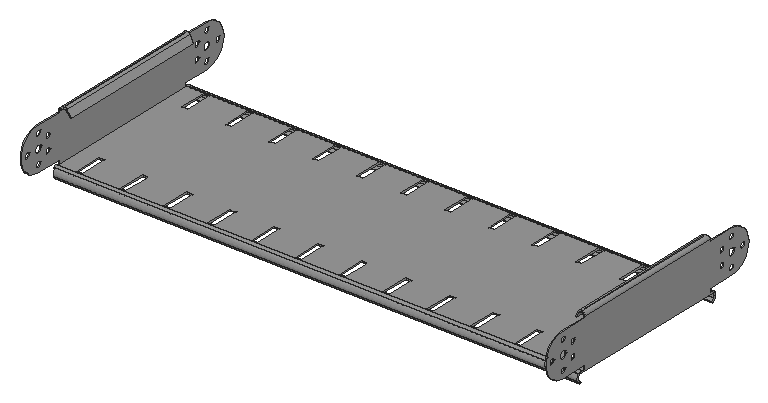
Revit family "Gelenkbogen-Element RGBEV 660FT", category Generic Models, Revit 2017
Family settings
  Can host rebar = No
  Round Connector Dimension = Use Diameter
  Part Type = Normal
  Work Plane-Based = No
  Always vertical = Yes
  Cut with Voids When Loaded = No
  Shared = No
  Room Calculation Point = No
Parameters
  URL = "http://www.obo-bettermann.com"
  Material = Hot-dip galvanised
  Manufacturer Art.No. = "7075596"
  Manufacturer = "OBO BETTERMANN"
  GTIN = "4012196228379"
  Cut's number 2 = 7
  Cut's number = 6
  Article Type = "RGBEV 660 FT"
Reference planes
  plane 1 "Center (Front/Back)": y = 0
  plane 2: z = 0
  plane 3 "Center (Left/Right)": x = 0
  plane 4: x = -300
  plane 5: x = 300
  plane 6: z = 60
  plane 7: x = -287.5
  plane 8: x = 287.5
  plane 9: z = 50.895
  plane 10: y = 288
  plane 11: y = 144
  plane 12: y = 233.25
  plane 13: y = 54.75
  plane 14: y = 144
  plane 15: y = 233.25
  plane 16: y = 54.75
  plane 17: z = 61.3
  plane 18: z = 30
  plane 19: z = 54
  plane 20: z = 6
  plane 21: y = 264
  plane 22: z = 30
  plane 23: z = 54
  plane 24: z = 6
  plane 25: y = 24
  plane 26: z = 30
  plane 27: z = 54
  plane 28: z = 6
  plane 29: y = 264
  plane 30: z = 30
  plane 31: z = 54
  plane 32: z = 6
  plane 33: y = 24
  plane 34: y = 45.5
  plane 35: y = 244.921
  plane 36: z = -11.2
  plane 37: y = 242.5
  plane 38: y = 43.079
  plane 39: z = -11.2
  plane 40: z = 30
  plane 41: y = 24
  plane 42: z = 30
  plane 43: y = 264
  plane 44: z = 30
  plane 45: y = 24
  plane 46: z = 30
  plane 47: y = 264
  plane 48: y = 219
  plane 49: y = 69
  plane 50: y = 144
  plane 51: x = -25
  plane 52: y = 219
  plane 53: y = 219
  plane 54: y = 69
  plane 55: y = 144
  plane 56: x = -75
  plane 57: y = 219
  plane 58: y = 219
  plane 59: y = 69
  plane 60: y = 144
  plane 61: x = -125
  plane 62: y = 219
  plane 63: y = 219
  plane 64: y = 69
  plane 65: y = 144
  plane 66: x = -175
  plane 67: y = 219
  plane 68: y = 219
  plane 69: y = 69
  plane 70: y = 144
  plane 71: x = -225
  plane 72: y = 219
  plane 73: y = 219
  plane 74: y = 69
  plane 75: y = 144
  plane 76: x = -275
  plane 77: y = 219
  plane 78: y = 219
  plane 79: y = 69
  plane 80: y = 144
  plane 81: x = 25
  plane 82: y = 219
  plane 83: y = 219
  plane 84: y = 69
  plane 85: y = 144
  plane 86: x = 75
  plane 87: y = 219
  plane 88: y = 219
  plane 89: y = 69
  plane 90: y = 144
  plane 91: x = 125
  plane 92: y = 219
  plane 93: y = 219
  plane 94: y = 69
  plane 95: y = 144
  plane 96: x = 175
  plane 97: y = 219
  plane 98: y = 219
  plane 99: y = 69
  plane 100: y = 144
  plane 101: x = 225
  plane 102: y = 219
  plane 103: y = 219
  plane 104: y = 69
  plane 105: y = 144
  plane 106: x = 275
  plane 107: y = 219
  plane 108: y = 69
  plane 109: y = 219
  plane 110: y = 144
  plane 111: x = -25
  plane 112: y = 69
  plane 113: y = 69
  plane 114: y = 219
  plane 115: y = 144
  plane 116: x = -75
  plane 117: y = 69
  plane 118: y = 69
  plane 119: y = 219
  plane 120: y = 144
  plane 121: x = -125
  plane 122: y = 69
  plane 123: y = 69
  plane 124: y = 219
  plane 125: y = 144
  plane 126: x = -175
  plane 127: y = 69
  plane 128: y = 69
  plane 129: y = 219
  plane 130: y = 144
  plane 131: x = -225
  plane 132: y = 69
  plane 133: y = 69
  plane 134: y = 219
  plane 135: y = 144
  plane 136: x = -275
  plane 137: y = 69
  plane 138: y = 69
  plane 139: y = 219
  plane 140: y = 144
  plane 141: x = 25
  plane 142: y = 69
  plane 143: y = 69
  plane 144: y = 219
  plane 145: y = 144
  plane 146: x = 75
  plane 147: y = 69
  plane 148: y = 69
  plane 149: y = 219
  plane 150: y = 144
  plane 151: x = 125
  plane 152: y = 69
  plane 153: y = 69
  plane 154: y = 219
  plane 155: y = 144
  plane 156: x = 175
  plane 157: y = 69
  plane 158: y = 69
  plane 159: y = 219
  plane 160: y = 144
  plane 161: x = 225
  plane 162: y = 69
  plane 163: y = 69
  plane 164: y = 219
  plane 165: y = 144
  plane 166: x = 275
  plane 167: y = 69
Forms (mm)
  Extrusion 1, solid, material "Hot-dip galvanised" <- "Material"
    sketch origin (0, 0, 0) x (1, 0, 0) y (0, 0, 1)
      loop
        line (-300.002, 0) -> (300.001, 0) -> (300.001, 55.33)
        arc (300.001, 55.33) -> (297.009, 59.578) -> (292.002, 58.191) r 4.511
        line (292.002, 58.191) -> (287.493, 50.976) -> (288.596, 50.287) -> (293.056, 57.425)
        arc (293.056, 57.425) -> (296.607, 58.34) -> (298.701, 55.33) r 3.211
        line (298.701, 55.33) -> (298.701, 1.3) -> (-298.702, 1.3) -> (-298.702, 55.33)
        arc (-298.702, 55.33) -> (-296.608, 58.341) -> (-293.056, 57.425) r 3.211
        line (-293.056, 57.425) -> (-288.596, 50.287) -> (-287.493, 50.976) -> (-292.002, 58.191)
        arc (-292.002, 58.191) -> (-297.009, 59.578) -> (-300.002, 55.33) r 4.511
        line (-300.002, 55.33) -> (-300.002, 0)
    from 0 to -288
  Extrusion 2, void
    sketch origin (0, 0, 0) x (1, 0, 0) y (0, 1, 0)
      loop
        line (-298.702, 232.902) -> (-287.493, 229.898) -> (-287.493, 288) -> (-298.702, 288) -> (-298.702, 232.902)
      loop
        line (-298.702, 55.098) -> (-298.702, 0) -> (-287.493, 0) -> (-287.493, 58.102) -> (-298.702, 55.098)
    from 49.665 to 61.3
  Extrusion 3, void
    sketch origin (0, 0, 0) x (1, 0, 0) y (0, 1, 0)
      loop
        line (298.701, 232.902) -> (298.701, 288) -> (287.493, 288) -> (287.493, 229.899) -> (298.701, 232.902)
      loop
        line (298.701, 55.098) -> (287.493, 58.101) -> (287.493, 0) -> (298.701, 0) -> (298.701, 55.098)
    from 49.665 to 61.3
  Extrusion 4, void
    sketch origin (0, 0, 0) x (0, 1, 0) y (0, 0, 1)
      loop
        arc (264, 54) -> (288, 30) -> (264, 6) r 24
        line (264, 6) -> (233.25, 6) -> (233.25, 1.3) -> (289.43, 1.3) -> (289.43, 58.498) -> (233.25, 58.498) -> (233.25, 54) -> (264, 54)
    from 298.701 to 300.001
  Extrusion 5, void
    sketch origin (0, 288, 0) x (0, -1, 0) y (0, 0, -1)
      loop
        line (264, -54) -> (233.25, -54) -> (233.25, -58.498) -> (289.43, -58.498) -> (289.43, -1.3) -> (233.25, -1.3) -> (233.25, -6) -> (264, -6)
        arc (264, -6) -> (288, -30) -> (264, -54) r 24
    from 298.701 to 300.001
  Extrusion 6, void
    sketch origin (0, 0, 0) x (0, 1, 0) y (0, 0, -1)
      loop
        line (264, -54) -> (233.25, -54) -> (233.25, -58.498) -> (289.43, -58.498) -> (289.43, -1.3) -> (233.25, -1.3) -> (233.25, -6) -> (264, -6)
        arc (264, -6) -> (288, -30) -> (264, -54) r 24
    from 298.701 to 300.001
  Extrusion 7, void
    sketch origin (0, 288, 0) x (0, -1, 0) y (0, 0, 1)
      loop
        arc (264, 54) -> (288, 30) -> (264, 6) r 24
        line (264, 6) -> (233.25, 6) -> (233.25, 1.3) -> (289.43, 1.3) -> (289.43, 58.498) -> (233.25, 58.498) -> (233.25, 54) -> (264, 54)
    from 298.701 to 300.001
  Extrusion 8, solid, material "Hot-dip galvanised" <- "Material"
    sketch origin (0, 0, 0) x (0, 1, 0) y (0, 0, 1)
      loop
        arc (47.967, 0) -> (45.649, -3.639) -> (46.216, -7.917) r 6.3
        line (46.216, -7.917) -> (49.499, -11.2) -> (50.418, -10.281) -> (47.284, -7.147)
        arc (47.284, -7.147) -> (47.573, -2.329) -> (51.8, 0) r 5
        line (51.8, 0) -> (47.967, 0)
    from -298.702 to 298.701
  Extrusion 9, solid, material "Hot-dip galvanised" <- "Material"
    sketch origin (0, 288, 0) x (0, -1, 0) y (0, 0, -1)
      loop
        line (47.967, 0) -> (51.8, 0)
        arc (51.8, 0) -> (47.573, 2.329) -> (47.284, 7.147) r 5
        line (47.284, 7.147) -> (50.418, 10.281) -> (49.499, 11.2) -> (46.216, 7.917)
        arc (46.216, 7.917) -> (45.649, 3.639) -> (47.967, 0) r 6.3
    from -298.702 to 298.701
  Extrusion 10, void
    sketch origin (0, 0, 0) x (0, 1, 0) y (0, 0, 1)
      loop
        line (51.8, 1.3) -> (0, 1.3) -> (0, 0) -> (47.967, 0)
        arc (47.967, 0) -> (49.776, 0.966) -> (51.8, 1.3) r 6.3
    from -300.002 to 300.001
  Extrusion 11, void
    sketch origin (0, 288, 0) x (0, -1, 0) y (0, 0, -1)
      loop
        arc (51.8, -1.3) -> (49.776, -0.966) -> (47.967, 0) r 6.3
        line (47.967, 0) -> (0, 0) -> (0, -1.3) -> (51.8, -1.3)
    from -300.002 to 300.001
  Extrusion 12, void
    sketch origin (0, 0, 0) x (0, 1, 0) y (0, 0, 1)
      loop
        circle (24, 30) r 4.5
      loop
        circle (37.842, 37.991) r 3.525
      loop
        circle (24, 45.983) r 3.516
      loop
        circle (8.017, 30) r 3.516
      loop
        circle (24, 14.017) r 3.488
      loop
        circle (37.842, 22.009) r 3.533
    from 298.701 to 300.001
  Extrusion 13, void
    sketch origin (0, 288, 0) x (0, -1, 0) y (0, 0, -1)
      loop
        circle (24, -30) r 4.5
      loop
        circle (37.842, -37.991) r 3.525
      loop
        circle (24, -45.983) r 3.516
      loop
        circle (8.017, -30) r 3.516
      loop
        circle (24, -14.017) r 3.488
      loop
        circle (37.842, -22.009) r 3.533
    from 298.701 to 300.001
  Extrusion 14, void
    sketch origin (0, 0, 0) x (0, 1, 0) y (0, 0, -1)
      loop
        circle (24, -30) r 4.5
      loop
        circle (37.842, -37.991) r 3.525
      loop
        circle (24, -45.983) r 3.516
      loop
        circle (8.017, -30) r 3.516
      loop
        circle (24, -14.017) r 3.488
      loop
        circle (37.842, -22.009) r 3.533
    from 298.701 to 300.001
  Extrusion 15, void
    sketch origin (0, 288, 0) x (0, -1, 0) y (0, 0, 1)
      loop
        circle (24, 30) r 4.5
      loop
        circle (37.842, 37.991) r 3.525
      loop
        circle (24, 45.983) r 3.516
      loop
        circle (8.017, 30) r 3.516
      loop
        circle (24, 14.017) r 3.488
      loop
        circle (37.842, 22.009) r 3.533
    from 298.701 to 300.001
  Extrusion 16, void
    sketch origin (0, 0, 0) x (1, 0, 0) y (0, 1, 0)
      loop
        line (-28.5, 235) -> (-28.5, 203) -> (-21.5, 203) -> (-21.5, 235) -> (-28.5, 235)
    from 0 to 1.3
  Extrusion 17, void
    sketch origin (-50, 0, 0) x (1, 0, 0) y (0, 1, 0)
      loop
        line (-28.5, 235) -> (-28.5, 203) -> (-21.5, 203) -> (-21.5, 235) -> (-28.5, 235)
    from 0 to 1.3
  Extrusion 18, void
    sketch origin (-100, 0, 0) x (1, 0, 0) y (0, 1, 0)
      loop
        line (-28.5, 235) -> (-28.5, 203) -> (-21.5, 203) -> (-21.5, 235) -> (-28.5, 235)
    from 0 to 1.3
  Extrusion 19, void
    sketch origin (-150, 0, 0) x (1, 0, 0) y (0, 1, 0)
      loop
        line (-28.5, 235) -> (-28.5, 203) -> (-21.5, 203) -> (-21.5, 235) -> (-28.5, 235)
    from 0 to 1.3
  Extrusion 20, void
    sketch origin (-200, 0, 0) x (1, 0, 0) y (0, 1, 0)
      loop
        line (-28.5, 235) -> (-28.5, 203) -> (-21.5, 203) -> (-21.5, 235) -> (-28.5, 235)
    from 0 to 1.3
  Extrusion 21, void
    sketch origin (-250, 0, 0) x (1, 0, 0) y (0, 1, 0)
      loop
        line (-28.5, 235) -> (-28.5, 203) -> (-21.5, 203) -> (-21.5, 235) -> (-28.5, 235)
    from 0 to 1.3
  Extrusion 22, void
    sketch origin (50, 0, 0) x (1, 0, 0) y (0, 1, 0)
      loop
        line (-28.5, 235) -> (-28.5, 203) -> (-21.5, 203) -> (-21.5, 235) -> (-28.5, 235)
    from 0 to 1.3
  Extrusion 23, void
    sketch origin (100, 0, 0) x (1, 0, 0) y (0, 1, 0)
      loop
        line (-28.5, 235) -> (-28.5, 203) -> (-21.5, 203) -> (-21.5, 235) -> (-28.5, 235)
    from 0 to 1.3
  Extrusion 24, void
    sketch origin (150, 0, 0) x (1, 0, 0) y (0, 1, 0)
      loop
        line (-28.5, 235) -> (-28.5, 203) -> (-21.5, 203) -> (-21.5, 235) -> (-28.5, 235)
    from 0 to 1.3
  Extrusion 25, void
    sketch origin (200, 0, 0) x (1, 0, 0) y (0, 1, 0)
      loop
        line (-28.5, 235) -> (-28.5, 203) -> (-21.5, 203) -> (-21.5, 235) -> (-28.5, 235)
    from 0 to 1.3
  Extrusion 26, void
    sketch origin (250, 0, 0) x (1, 0, 0) y (0, 1, 0)
      loop
        line (-28.5, 235) -> (-28.5, 203) -> (-21.5, 203) -> (-21.5, 235) -> (-28.5, 235)
    from 0 to 1.3
  Extrusion 27, void
    sketch origin (300, 0, 0) x (1, 0, 0) y (0, 1, 0)
      loop
        line (-28.5, 235) -> (-28.5, 203) -> (-21.5, 203) -> (-21.5, 235) -> (-28.5, 235)
    from 0 to 1.3
  Extrusion 28, void
    sketch origin (0, 288, 0) x (1, 0, 0) y (0, 1, 0)
      loop
        line (-28.5, -235) -> (-21.5, -235) -> (-21.5, -203) -> (-28.5, -203) -> (-28.5, -235)
    from 0 to 1.3
  Extrusion 29, void
    sketch origin (-50, 288, 0) x (1, 0, 0) y (0, 1, 0)
      loop
        line (-28.5, -235) -> (-21.5, -235) -> (-21.5, -203) -> (-28.5, -203) -> (-28.5, -235)
    from 0 to 1.3
  Extrusion 30, void
    sketch origin (-100, 288, 0) x (1, 0, 0) y (0, 1, 0)
      loop
        line (-28.5, -235) -> (-21.5, -235) -> (-21.5, -203) -> (-28.5, -203) -> (-28.5, -235)
    from 0 to 1.3
  Extrusion 31, void
    sketch origin (-150, 288, 0) x (1, 0, 0) y (0, 1, 0)
      loop
        line (-28.5, -235) -> (-21.5, -235) -> (-21.5, -203) -> (-28.5, -203) -> (-28.5, -235)
    from 0 to 1.3
  Extrusion 32, void
    sketch origin (-200, 288, 0) x (1, 0, 0) y (0, 1, 0)
      loop
        line (-28.5, -235) -> (-21.5, -235) -> (-21.5, -203) -> (-28.5, -203) -> (-28.5, -235)
    from 0 to 1.3
  Extrusion 33, void
    sketch origin (-250, 288, 0) x (1, 0, 0) y (0, 1, 0)
      loop
        line (-28.5, -235) -> (-21.5, -235) -> (-21.5, -203) -> (-28.5, -203) -> (-28.5, -235)
    from 0 to 1.3
  Extrusion 34, void
    sketch origin (50, 288, 0) x (1, 0, 0) y (0, 1, 0)
      loop
        line (-28.5, -235) -> (-21.5, -235) -> (-21.5, -203) -> (-28.5, -203) -> (-28.5, -235)
    from 0 to 1.3
  Extrusion 35, void
    sketch origin (100, 288, 0) x (1, 0, 0) y (0, 1, 0)
      loop
        line (-28.5, -235) -> (-21.5, -235) -> (-21.5, -203) -> (-28.5, -203) -> (-28.5, -235)
    from 0 to 1.3
  Extrusion 36, void
    sketch origin (150, 288, 0) x (1, 0, 0) y (0, 1, 0)
      loop
        line (-28.5, -235) -> (-21.5, -235) -> (-21.5, -203) -> (-28.5, -203) -> (-28.5, -235)
    from 0 to 1.3
  Extrusion 37, void
    sketch origin (200, 288, 0) x (1, 0, 0) y (0, 1, 0)
      loop
        line (-28.5, -235) -> (-21.5, -235) -> (-21.5, -203) -> (-28.5, -203) -> (-28.5, -235)
    from 0 to 1.3
  Extrusion 38, void
    sketch origin (250, 288, 0) x (1, 0, 0) y (0, 1, 0)
      loop
        line (-28.5, -235) -> (-21.5, -235) -> (-21.5, -203) -> (-28.5, -203) -> (-28.5, -235)
    from 0 to 1.3
  Extrusion 39, void
    sketch origin (300, 288, 0) x (1, 0, 0) y (0, 1, 0)
      loop
        line (-28.5, -235) -> (-21.5, -235) -> (-21.5, -203) -> (-28.5, -203) -> (-28.5, -235)
    from 0 to 1.3
Cuts and joins
  Extrusion 2, Extrusion 3, Extrusion 4, Extrusion 5, Extrusion 6, Extrusion 7, Extrusion 10, Extrusion 11, Extrusion 12, Extrusion 13, Extrusion 14, Extrusion 15, Extrusion 16, Extrusion 17, Extrusion 18, Extrusion 19, Extrusion 20, Extrusion 21, Extrusion 22, Extrusion 23, Extrusion 24, Extrusion 25, Extrusion 26, Extrusion 27, Extrusion 28, Extrusion 29, Extrusion 30, Extrusion 31, Extrusion 32, Extrusion 33, Extrusion 34, Extrusion 35, Extrusion 36, Extrusion 37, Extrusion 38, Extrusion 39 cuts Extrusion 1
Dimensions and locks
  locked: Extrusion 1 sketch curve to Extrusion 1 sketch curve at 1.3  (x5)
  locked: Extrusion 1 sketch curve to Extrusion 1 sketch curve at 59.841  (x2)
  locked: Extrusion 1 sketch curve to Extrusion 1 sketch curve at 12.507
  Extrusion 1 sketch curve to Extrusion 1 sketch curve = 12.508 mm
  locked: plane 5 to plane 4 at 600
  locked: plane 3 "Center (Left/Right)" to plane 4 at 300
  locked: Extrusion 1 sketch curve to Extrusion 1 sketch curve at 11.406
  locked: plane 1 "Center (Front/Back)" to plane 10 at 288
  locked: Extrusion 1 to plane 11 at 144
  locked: cut or joined group 1 (Extrusion 1, Extrusion 2, Extrusion 3, Extrusion 4, Extrusion 5, Extrusion 6, Extrusion 7, Extrusion 10, Extrusion 11, Extrusion 12, Extrusion 13, Extrusion 14, Extrusion 15, Extrusion 16, Extrusion 17, Extrusion 18, Extrusion 19, Extrusion 20, Extrusion 21, Extrusion 22, Extrusion 23, Extrusion 24, Extrusion 25, Extrusion 26, Extrusion 27, Extrusion 28, Extrusion 29, Extrusion 30, Extrusion 31, Extrusion 32, Extrusion 33, Extrusion 34, Extrusion 35, Extrusion 36, Extrusion 37, Extrusion 38, Extrusion 39) to plane 14 at 144
  locked: plane 34 to plane 14 at 98.5
  locked: Extrusion 8 sketch curve to cut or joined group 1 at 11.2
  locked: Extrusion 8 sketch curve to Extrusion 8 sketch curve at 1.3
  locked: Extrusion 8 sketch curve to plane 16 at 9.25
  locked: Extrusion 9 sketch curve to Extrusion 9 sketch curve at 1.3
  locked: plane 40 to cut or joined group 1 at 24
  locked: plane 41 to plane 14 at 120
  locked: Extrusion 16 sketch curve to Extrusion 16 sketch curve at 7
  locked: Extrusion 16 sketch curve to plane 51 at 3.5
  locked: Extrusion 16 sketch curve to Extrusion 16 sketch curve at 32
  locked: plane 52 to Extrusion 16 sketch curve at 16
  locked: Extrusion 17 sketch curve to Extrusion 17 sketch curve at 7
  locked: Extrusion 17 sketch curve to plane 56 at 3.5
  locked: Extrusion 17 sketch curve to Extrusion 17 sketch curve at 32
  locked: plane 57 to Extrusion 17 sketch curve at 16
  locked: Extrusion 18 sketch curve to Extrusion 18 sketch curve at 7
  locked: Extrusion 18 sketch curve to plane 61 at 3.5
  locked: Extrusion 18 sketch curve to Extrusion 18 sketch curve at 32
  locked: plane 62 to Extrusion 18 sketch curve at 16
  locked: Extrusion 19 sketch curve to Extrusion 19 sketch curve at 7
  locked: Extrusion 19 sketch curve to plane 66 at 3.5
  locked: Extrusion 19 sketch curve to Extrusion 19 sketch curve at 32
  locked: plane 67 to Extrusion 19 sketch curve at 16
  locked: Extrusion 20 sketch curve to Extrusion 20 sketch curve at 7
  locked: Extrusion 20 sketch curve to plane 71 at 3.5
  locked: Extrusion 20 sketch curve to Extrusion 20 sketch curve at 32
  locked: plane 72 to Extrusion 20 sketch curve at 16
  locked: Extrusion 21 sketch curve to Extrusion 21 sketch curve at 7
  locked: Extrusion 21 sketch curve to plane 76 at 3.5
  locked: Extrusion 21 sketch curve to Extrusion 21 sketch curve at 32
  locked: plane 77 to Extrusion 21 sketch curve at 16
  locked: Extrusion 22 sketch curve to Extrusion 22 sketch curve at 7
  locked: Extrusion 22 sketch curve to plane 81 at 3.5
  locked: Extrusion 22 sketch curve to Extrusion 22 sketch curve at 32
  locked: plane 82 to Extrusion 22 sketch curve at 16
  locked: Extrusion 23 sketch curve to Extrusion 23 sketch curve at 7
  locked: Extrusion 23 sketch curve to plane 86 at 3.5
  locked: Extrusion 23 sketch curve to Extrusion 23 sketch curve at 32
  locked: plane 87 to Extrusion 23 sketch curve at 16
  locked: Extrusion 24 sketch curve to Extrusion 24 sketch curve at 7
  locked: Extrusion 24 sketch curve to plane 91 at 3.5
  locked: Extrusion 24 sketch curve to Extrusion 24 sketch curve at 32
  locked: plane 92 to Extrusion 24 sketch curve at 16
  locked: Extrusion 25 sketch curve to Extrusion 25 sketch curve at 7
  locked: Extrusion 25 sketch curve to plane 96 at 3.5
  locked: Extrusion 25 sketch curve to Extrusion 25 sketch curve at 32
  locked: plane 97 to Extrusion 25 sketch curve at 16
  locked: Extrusion 26 sketch curve to Extrusion 26 sketch curve at 7
  locked: Extrusion 26 sketch curve to plane 101 at 3.5
  locked: Extrusion 26 sketch curve to Extrusion 26 sketch curve at 32
  locked: plane 102 to Extrusion 26 sketch curve at 16
  locked: Extrusion 27 sketch curve to Extrusion 27 sketch curve at 7
  locked: Extrusion 27 sketch curve to plane 106 at 3.5
  locked: Extrusion 27 sketch curve to Extrusion 27 sketch curve at 32
  locked: plane 107 to Extrusion 27 sketch curve at 16
  locked: Extrusion 28 sketch curve to Extrusion 28 sketch curve at 7
  locked: Extrusion 28 sketch curve to plane 111 at 3.5
  locked: Extrusion 28 sketch curve to Extrusion 28 sketch curve at 32
  locked: Extrusion 28 sketch curve to plane 112 at 16
  locked: Extrusion 29 sketch curve to Extrusion 29 sketch curve at 7
  locked: Extrusion 29 sketch curve to plane 116 at 3.5
  locked: Extrusion 29 sketch curve to Extrusion 29 sketch curve at 32
  locked: Extrusion 29 sketch curve to plane 117 at 16
  locked: Extrusion 30 sketch curve to Extrusion 30 sketch curve at 7
  locked: Extrusion 30 sketch curve to plane 121 at 3.5
  locked: Extrusion 30 sketch curve to Extrusion 30 sketch curve at 32
  locked: Extrusion 30 sketch curve to plane 122 at 16
  locked: Extrusion 31 sketch curve to Extrusion 31 sketch curve at 7
  locked: Extrusion 31 sketch curve to plane 126 at 3.5
  locked: Extrusion 31 sketch curve to Extrusion 31 sketch curve at 32
  locked: Extrusion 31 sketch curve to plane 127 at 16
  locked: Extrusion 32 sketch curve to Extrusion 32 sketch curve at 7
  locked: Extrusion 32 sketch curve to plane 131 at 3.5
  locked: Extrusion 32 sketch curve to Extrusion 32 sketch curve at 32
  locked: Extrusion 32 sketch curve to plane 132 at 16
  locked: Extrusion 33 sketch curve to Extrusion 33 sketch curve at 7
  locked: Extrusion 33 sketch curve to plane 136 at 3.5
  locked: Extrusion 33 sketch curve to Extrusion 33 sketch curve at 32
  locked: plane 137 to Extrusion 33 sketch curve at 16
  locked: Extrusion 34 sketch curve to Extrusion 34 sketch curve at 7
  locked: Extrusion 34 sketch curve to plane 141 at 3.5
  locked: Extrusion 34 sketch curve to Extrusion 34 sketch curve at 32
  locked: Extrusion 34 sketch curve to plane 142 at 16
  locked: Extrusion 35 sketch curve to Extrusion 35 sketch curve at 7
  locked: Extrusion 35 sketch curve to plane 146 at 3.5
  locked: Extrusion 35 sketch curve to Extrusion 35 sketch curve at 32
  locked: Extrusion 35 sketch curve to plane 147 at 16
  locked: Extrusion 36 sketch curve to Extrusion 36 sketch curve at 7
  locked: Extrusion 36 sketch curve to plane 151 at 3.5
  locked: Extrusion 36 sketch curve to Extrusion 36 sketch curve at 32
  locked: Extrusion 36 sketch curve to plane 152 at 16
  locked: Extrusion 37 sketch curve to Extrusion 37 sketch curve at 7
  locked: Extrusion 37 sketch curve to plane 156 at 3.5
  locked: Extrusion 37 sketch curve to Extrusion 37 sketch curve at 32
  locked: Extrusion 37 sketch curve to plane 157 at 16
  locked: Extrusion 38 sketch curve to Extrusion 38 sketch curve at 7
  locked: Extrusion 38 sketch curve to plane 161 at 3.5
  locked: Extrusion 38 sketch curve to Extrusion 38 sketch curve at 32
  locked: Extrusion 38 sketch curve to plane 162 at 16
  locked: Extrusion 39 sketch curve to Extrusion 39 sketch curve at 7
  locked: Extrusion 39 sketch curve to plane 166 at 3.5
  locked: Extrusion 39 sketch curve to Extrusion 39 sketch curve at 32
  locked: Extrusion 39 sketch curve to plane 167 at 16
  angle Extrusion 1 sketch curve to Extrusion 1 sketch curve = 32.00°
  locked: Extrusion 1 sketch curve to Extrusion 1 sketch curve (angle 32.0002°)
  aligned and locked: level to plane 2
  aligned and locked: Extrusion 1 to level
  aligned and locked: plane 10 to Extrusion 1
  aligned and locked: plane 1 "Center (Front/Back)" to Extrusion 1
  aligned and locked: Extrusion 2 to Extrusion 1  (x2)
  aligned and locked: Extrusion 3 to Extrusion 1  (x2)
  aligned and locked: Extrusion 2 to Extrusion 3
  aligned and locked: plane 17 to Extrusion 2
  aligned and locked: plane 17 to Extrusion 3
  aligned and locked: plane 15 to Extrusion 4 sketch curve  (x2)
  aligned and locked: Extrusion 1 to Extrusion 4
  aligned and locked: Extrusion 4 to Extrusion 1
  aligned and locked: Extrusion 8 to cut or joined group 1  (x2)
  aligned and locked: Extrusion 10 to Extrusion 1
  aligned and locked: Extrusion 1 to Extrusion 10
  aligned and locked: Extrusion 1 to Extrusion 12  (x2)
  aligned and locked: Extrusion 16 to level
  aligned and locked: Extrusion 1 to Extrusion 16
Automatic sketch dimensions
  Extrusion 1 sketch curve to Extrusion 1 sketch curve = 0 mm  (x4)
  Extrusion 1 sketch curve to level = 0 mm
  Extrusion 1 sketch curve to plane 4 = 0.002 mm
  Extrusion 1 sketch curve to Extrusion 1 sketch curve = 3.211 mm
  Extrusion 1 sketch curve to plane 6 = 2.575 mm
  Extrusion 1 sketch curve to plane 8 = 0.007 mm
  Extrusion 1 sketch curve to plane 6 = 1.809 mm
  Extrusion 1 sketch curve to Extrusion 1 sketch curve = 6.699 mm
  plane 1 "Center (Front/Back)" to Extrusion 2 sketch curve = 0 mm
  Extrusion 2 sketch curve to plane 10 = 0 mm
  Extrusion 2 sketch curve to plane 12 = 0.348 mm
  Extrusion 2 sketch curve to plane 3 "Center (Left/Right)" = 298.702 mm
  Extrusion 2 sketch curve to Extrusion 2 sketch curve = 0 mm
  Extrusion 2 sketch curve to Extrusion 2 sketch curve = 11.208 mm  (x2)
  plane 13 to Extrusion 2 sketch curve = 3.352 mm
  plane 13 to Extrusion 2 sketch curve = 0.348 mm
  Extrusion 2 sketch curve to plane 12 = 3.352 mm
  plane 1 "Center (Front/Back)" to Extrusion 3 sketch curve = 0 mm
  Extrusion 3 sketch curve to plane 10 = 0 mm
  plane 3 "Center (Left/Right)" to Extrusion 3 sketch curve = 287.493 mm
  Extrusion 3 sketch curve to plane 15 = 3.351 mm
  Extrusion 3 sketch curve to Extrusion 3 sketch curve = 0 mm
  Extrusion 3 sketch curve to plane 15 = 0.348 mm
  Extrusion 3 sketch curve to Extrusion 3 sketch curve = 11.207 mm  (x2)
  plane 16 to Extrusion 3 sketch curve = 0.348 mm
  plane 16 to Extrusion 3 sketch curve = 3.351 mm
  Extrusion 4 sketch curve to plane 19 = 0 mm
  Extrusion 4 sketch curve to plane 21 = 0 mm
  Extrusion 4 sketch curve to plane 20 = 0 mm
  plane 10 to Extrusion 4 sketch curve = 1.43 mm
  level to Extrusion 4 sketch curve = 1.3 mm
  Extrusion 4 sketch curve to plane 17 = 2.802 mm
  Extrusion 5 sketch curve to plane 16 = 0 mm  (x2)
  Extrusion 5 sketch curve to plane 23 = 0 mm
  Extrusion 5 sketch curve to plane 25 = 0 mm
  plane 24 to Extrusion 5 sketch curve = 0 mm
  Extrusion 5 sketch curve to plane 1 "Center (Front/Back)" = 1.43 mm
  Extrusion 5 sketch curve to level = 1.3 mm
  plane 17 to Extrusion 5 sketch curve = 2.802 mm
  Extrusion 6 sketch curve to plane 15 = 0 mm  (x2)
  Extrusion 6 sketch curve to plane 27 = 0 mm
  Extrusion 6 sketch curve to plane 29 = 0 mm
  Extrusion 6 sketch curve to plane 26 = 0 mm
  plane 10 to Extrusion 6 sketch curve = 1.43 mm
  Extrusion 6 sketch curve to plane 17 = 2.802 mm
  level to Extrusion 6 sketch curve = 1.3 mm
  Extrusion 7 sketch curve to plane 16 = 0 mm  (x2)
  Extrusion 7 sketch curve to plane 31 = 0 mm
  Extrusion 7 sketch curve to plane 33 = 0 mm
  Extrusion 7 sketch curve to plane 32 = 0 mm
  plane 1 "Center (Front/Back)" to Extrusion 7 sketch curve = 1.43 mm
  level to Extrusion 7 sketch curve = 1.3 mm
  Extrusion 7 sketch curve to plane 17 = 2.802 mm
  Extrusion 8 sketch curve to Extrusion 8 sketch curve = 0 mm  (x2)
  Extrusion 8 sketch curve to level = 0 mm
  plane 34 to Extrusion 8 sketch curve = 0.716 mm
  Extrusion 8 sketch curve to Extrusion 8 sketch curve = 1.068 mm
  Extrusion 8 sketch curve to plane 16 = 6.783 mm
  plane 34 to Extrusion 8 sketch curve = 3.999 mm
  Extrusion 9 sketch curve to Extrusion 9 sketch curve = 0 mm  (x2)
  Extrusion 9 sketch curve to level = 0 mm
  Extrusion 9 sketch curve to plane 39 = 0 mm
  Extrusion 9 sketch curve to plane 37 = 0.716 mm
  Extrusion 9 sketch curve to Extrusion 9 sketch curve = 1.068 mm
  Extrusion 9 sketch curve to plane 37 = 2.467 mm
  Extrusion 9 sketch curve to plane 37 = 3.999 mm
  level to Extrusion 9 sketch curve = 10.281 mm
  Extrusion 10 sketch curve to plane 1 "Center (Front/Back)" = 0 mm
  Extrusion 10 sketch curve to level = 0 mm
  Extrusion 10 sketch curve to plane 16 = 6.783 mm
  level to Extrusion 10 sketch curve = 1.3 mm
  Extrusion 10 sketch curve to plane 16 = 2.95 mm
  Extrusion 11 sketch curve to plane 10 = 0 mm
  Extrusion 11 sketch curve to level = 0 mm
  Extrusion 11 sketch curve to plane 15 = 6.783 mm
  Extrusion 11 sketch curve to level = 1.3 mm
  Extrusion 11 sketch curve to plane 15 = 2.95 mm
  Extrusion 12 sketch curve to plane 40 = 0 mm  (x2)
  Extrusion 12 sketch curve to plane 41 = 0 mm  (x3)
  Extrusion 12 sketch curve to plane 1 "Center (Front/Back)" = 8.017 mm
  plane 41 to Extrusion 12 sketch curve = 13.842 mm  (x2)
  Extrusion 12 sketch curve to plane 40 = 7.991 mm
  level to Extrusion 12 sketch curve = 14.017 mm
  plane 40 to Extrusion 12 sketch curve = 7.991 mm
  Extrusion 12 sketch curve to plane 17 = 15.317 mm
  Extrusion 13 sketch curve to plane 42 = 0 mm  (x2)
  Extrusion 13 sketch curve to plane 43 = 0 mm  (x3)
  plane 10 to Extrusion 13 sketch curve = 8.017 mm
  Extrusion 13 sketch curve to plane 43 = 13.842 mm  (x2)
  plane 42 to Extrusion 13 sketch curve = 7.991 mm
  Extrusion 13 sketch curve to level = 14.017 mm
  Extrusion 13 sketch curve to plane 42 = 7.991 mm
  plane 17 to Extrusion 13 sketch curve = 15.317 mm
  Extrusion 14 sketch curve to plane 44 = 0 mm  (x2)
  Extrusion 14 sketch curve to plane 45 = 0 mm  (x3)
  Extrusion 14 sketch curve to plane 1 "Center (Front/Back)" = 8.017 mm
  plane 45 to Extrusion 14 sketch curve = 13.842 mm  (x2)
  plane 44 to Extrusion 14 sketch curve = 7.991 mm
  Extrusion 14 sketch curve to plane 17 = 15.317 mm
  Extrusion 14 sketch curve to plane 44 = 7.991 mm
  level to Extrusion 14 sketch curve = 14.017 mm
  Extrusion 15 sketch curve to plane 46 = 0 mm  (x2)
  Extrusion 15 sketch curve to plane 47 = 0 mm  (x3)
  Extrusion 15 sketch curve to plane 10 = 8.017 mm
  plane 47 to Extrusion 15 sketch curve = 13.842 mm  (x2)
  Extrusion 15 sketch curve to plane 46 = 7.991 mm
  level to Extrusion 15 sketch curve = 14.017 mm
  plane 46 to Extrusion 15 sketch curve = 7.991 mm
  Extrusion 15 sketch curve to plane 17 = 15.317 mm
  radius of Extrusion 12 sketch curve = 4.5 mm
  radius of Extrusion 12 sketch curve = 3.525 mm
  radius of Extrusion 12 sketch curve = 3.516 mm  (x2)
  radius of Extrusion 12 sketch curve = 3.488 mm
  radius of Extrusion 12 sketch curve = 3.533 mm
  radius of Extrusion 13 sketch curve = 4.5 mm
  radius of Extrusion 13 sketch curve = 3.525 mm
  radius of Extrusion 13 sketch curve = 3.516 mm  (x2)
  radius of Extrusion 13 sketch curve = 3.488 mm
  radius of Extrusion 13 sketch curve = 3.533 mm
  radius of Extrusion 14 sketch curve = 4.5 mm
  radius of Extrusion 14 sketch curve = 3.525 mm
  radius of Extrusion 14 sketch curve = 3.516 mm  (x2)
  radius of Extrusion 14 sketch curve = 3.488 mm
  radius of Extrusion 14 sketch curve = 3.533 mm
  radius of Extrusion 15 sketch curve = 4.5 mm
  radius of Extrusion 15 sketch curve = 3.525 mm
  radius of Extrusion 15 sketch curve = 3.516 mm  (x2)
  radius of Extrusion 15 sketch curve = 3.488 mm
  radius of Extrusion 15 sketch curve = 3.533 mm
